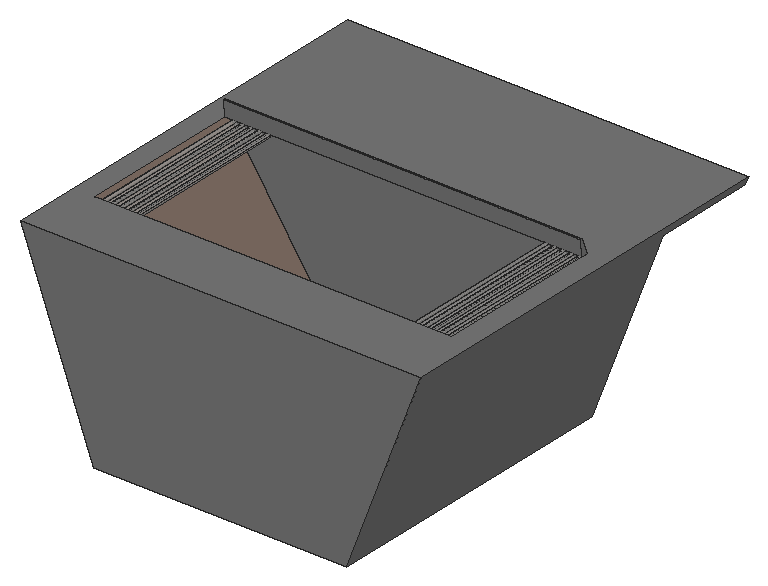
Revit family "Fireplace_Gas_HeatNGlo_Villa-Gas", category Mechanical Equipment, host Face, Revit 2015
Parameters (values of type "42x30 Viewing Area LP")
  Warranty Duration (Years) = 0
  Unit Width = 3' - 11 1/8"
  Unit Weight = 260
  Unit Height = 3' - 6 3/8"
  Unit Depth = 1' - 11"
  URL = "http://www.heatnglo.com/"
  Test Data = ""
  Standards Conformance = "as Specified"
  Specification = "http://www.arcat.com/sdspecs/htm04/10_31_07hng.htm"
  SpecWizard = ""
  Send Message = "http://www.arcat.com/users.pl?action=UserEmail&amp;company=Heat+and+Glo<sup><small></small></sup>&amp;coid=33011&amp;rep=144&amp;fax=&amp;mf=95"
  Sales Information = "http://www.heatnglo.com/Contact-Us.aspx"
  Safety Screen Material [instance] = Metal - HeatNGlo - Steel Screen
  Revision = "R2_2014-11"
  Recess Into Host [instance] = 2' - 0"
  Rear Wall Finish [instance] = Masonry - HeatNGlo - Brick as Specified
  Rear Width = 2' - 5 3/4"
  Product Properties = ""
  Product Data = "http://www.arcat.com/arcatcos/cos33/arc33011.html"
  Opening Width = 3' - 6"
  Opening Height = 1' - 8"
  Mounting Height [instance] = 1' - 10.76867"
  Model = "ODVILLAG-42"
  Manufacturer Website = "http://www.heatnglo.com/"
  Manufacturer Phone - Toll Free = "800-669-HEAT (4328)"
  Manufacturer Phone = ""
  Manufacturer Fax = ""
  Manufacturer Address = "7571 215th St. W.  Lakeville, MN 55044"
  Manufacturer = "Heat & Glo"
  Maintenance Schedule (Months) = 0
  Keynote = "10305"
  Installation-Fabrication = ""
  Installation Phase = ""
  Include Double Door [instance] = yes
  Heating Capacity = "as Specified"
  HVAC_BTU Output = 0.0 Btu/h
  HVAC_BTU Input = 42000.0 Btu/h
  Green Building-LEED = ""
  Glazing Tint [instance] = Glazing - HeatNGlo - Clear
  Fuel Type = "LP"
  Fuel Consumption = "as Specified"
  Fixture Finish = Metal - HeatNGlo - Metallic Black
  Expected Lifespan (Years) = 0
  Efficiency Ratings = "as Specified"
  Drawn By = "Sumex Design, Inc. / Robert S. Weygant, CSI, CDT, SCIP"
  Door Finish [instance] = Metal - HeatNGlo - Bronze
  Description = "Heat & Glo Gas Burning Outdoor Fireplace - Villa Gas as Specified"
  Default Elevation = 0' - 0"
  Copyright = "©Arcat Inc."
  Construction Details = "http://www.arcat.com/details/heatnglo/heatnglo.html?coid=33011"
  Building Codes = ""
  Assembly Code = "D3020"
Types (4): name | Unit Width | Unit Weight | Rear Width | Opening Width | Model | HVAC_BTU Input | Fuel Type
  42x30 Viewing Area LP | 3' - 11 1/8" | 260 | 2' - 5 3/4" | 3' - 6" | "ODVILLAG-42" | 42000.0 Btu/h | "LP"
  42x30 Viewing Area NG | 3' - 11 1/8" | 260 | 2' - 5 3/4" | 3' - 6" | "ODVILLAG-42" | 42000.0 Btu/h | "NG"
  36x24 Viewing Area LP | 3' - 5 1/8" | 240 | 1' - 11 3/4" | 3' - 0" | "ODVILLAG-36" | 40000.0 Btu/h | "LP"
  36x24 Viewing Area NG | 3' - 5 1/8" | 240 | 1' - 11 3/4" | 3' - 0" | "ODVILLAG-36" | 40000.0 Btu/h | "NG"
Reference planes (in)
  plane 1 "Opening CL": y = 0
  plane 2: z = 0
  plane 3 "Center (Left/Right)": x = 0
  plane 4: z = -24
  plane 5 "Front": z = -1
  plane 6: x = -21
  plane 7: x = 21
  plane 8: y = 9.1875
  plane 9 "FF": y = -41.20617
  plane 10: y = -18.4375
  plane 11: y = -10.8125
  plane 12: x = -14.875
  plane 13: x = 14.875
  plane 14: x = -23.5625
  plane 15: x = 23.5625
  plane 16: x = -22.5
  plane 17: x = 22.5
Forms (in)
  Extrusion 1, void
    sketch origin (0, 0, 0) x (1, 0, 0) y (0, 1, 0)
      loop
        line (23.5625, 16.8125) -> (-23.5625, 16.8125) -> (-23.5625, -18.4375) -> (23.5625, -18.4375) -> (23.5625, 16.8125)
    from -24 to 5.63952
  Extrusion 2, solid, material "Metal - HeatNGlo - Metallic Black" <- "Fixture Finish"
    sketch origin (-6.5, -18.4375, 48) x (1, 0, 0) y (0, 0, 1)
      loop
        line (-8.375, -72) -> (21.375, -72) -> (30.0625, -49) -> (-17.0625, -49) -> (-8.375, -72)
    from 0 to -7.75
  Extrusion 3, solid, material "Metal - HeatNGlo - Metallic Black" <- "Fixture Finish"
    sketch origin (0, 0, 0) x (1, 0, 0) y (0, 0, 1)
      loop
        line (-23.5625, -1) -> (-14.875, -24) -> (14.875, -24) -> (23.5625, -1) -> (21, -1) -> (10.875, -16) -> (-10.875, -16) -> (-21, -1) -> (-23.5625, -1)
    from -9.1875 to 10.8125
  Extrusion 4, solid, material "Metal - HeatNGlo - Metallic Black" <- "Fixture Finish"
    sketch origin (-6.5, -18.4375, 48) x (1, 0, 0) y (0, 0, 1)
      loop
        line (-8.375, -72) -> (21.375, -72) -> (30.0625, -49) -> (-17.0625, -49) -> (-8.375, -72)
    from -27.5 to -36.125
  Extrusion 5, solid, material "Metal - HeatNGlo - Steel Screen" <- "Safety Screen Material"
    sketch origin (-21.8749, -10.8125, 48) x (-1, 0, 0) y (0, 0, 1)
      loop
        arc (-1.25201, -49.5625) -> (-1.50201, -49.3125) -> (-1.75201, -49.5625) r 0.25
        arc (-1.75201, -49.5625) -> (-2.00201, -49.8125) -> (-2.25201, -49.5625) r 0.25
        arc (-2.25201, -49.5625) -> (-2.50201, -49.3125) -> (-2.75201, -49.5625) r 0.25
        arc (-2.75201, -49.5625) -> (-3.00201, -49.8125) -> (-3.25201, -49.5625) r 0.25
        arc (-3.25201, -49.5625) -> (-3.50201, -49.3125) -> (-3.75201, -49.5625) r 0.25
        arc (-3.75201, -49.5625) -> (-4.00201, -49.8125) -> (-4.25201, -49.5625) r 0.25
        arc (-4.25201, -49.5625) -> (-4.50201, -49.3125) -> (-4.75201, -49.5625) r 0.25
        arc (-4.75201, -49.5625) -> (-5.00201, -49.8125) -> (-5.25201, -49.5625) r 0.25
        arc (-5.25201, -49.5625) -> (-5.50201, -49.3125) -> (-5.75201, -49.5625) r 0.25
        line (-5.75201, -49.5625) -> (-5.75201, -49.8125) -> (-5.68951, -49.8125) -> (-5.68951, -49.5625)
        arc (-5.68951, -49.5625) -> (-5.50201, -49.375) -> (-5.31451, -49.5625) r 0.1875
        arc (-5.31451, -49.5625) -> (-5.00201, -49.875) -> (-4.68951, -49.5625) r 0.3125
        arc (-4.68951, -49.5625) -> (-4.50201, -49.375) -> (-4.31451, -49.5625) r 0.1875
        arc (-4.31451, -49.5625) -> (-4.00201, -49.875) -> (-3.68951, -49.5625) r 0.3125
        arc (-3.68951, -49.5625) -> (-3.50201, -49.375) -> (-3.31451, -49.5625) r 0.1875
        arc (-3.31451, -49.5625) -> (-3.00201, -49.875) -> (-2.68951, -49.5625) r 0.3125
        arc (-2.68951, -49.5625) -> (-2.50201, -49.375) -> (-2.31451, -49.5625) r 0.1875
        arc (-2.31451, -49.5625) -> (-2.00201, -49.875) -> (-1.68951, -49.5625) r 0.3125
        arc (-1.68951, -49.5625) -> (-1.50201, -49.375) -> (-1.31451, -49.5625) r 0.1875
        line (-1.31451, -49.5625) -> (-1.25201, -49.5625)
      loop
        line (-42.49779, -49.5625) -> (-42.43529, -49.5625)
        arc (-42.43529, -49.5625) -> (-42.24779, -49.375) -> (-42.06029, -49.5625) r 0.1875
        arc (-42.06029, -49.5625) -> (-41.74779, -49.875) -> (-41.43529, -49.5625) r 0.3125
        arc (-41.43529, -49.5625) -> (-41.24779, -49.375) -> (-41.06029, -49.5625) r 0.1875
        arc (-41.06029, -49.5625) -> (-40.74779, -49.875) -> (-40.43529, -49.5625) r 0.3125
        arc (-40.43529, -49.5625) -> (-40.24779, -49.375) -> (-40.06029, -49.5625) r 0.1875
        arc (-40.06029, -49.5625) -> (-39.74779, -49.875) -> (-39.43529, -49.5625) r 0.3125
        arc (-39.43529, -49.5625) -> (-39.24779, -49.375) -> (-39.06029, -49.5625) r 0.1875
        arc (-39.06029, -49.5625) -> (-38.74779, -49.875) -> (-38.43529, -49.5625) r 0.3125
        arc (-38.43529, -49.5625) -> (-38.24779, -49.375) -> (-38.06029, -49.5625) r 0.1875
        line (-38.06029, -49.5625) -> (-38.06029, -49.8125) -> (-37.99779, -49.8125) -> (-37.99779, -49.5625)
        arc (-37.99779, -49.5625) -> (-38.24779, -49.3125) -> (-38.49779, -49.5625) r 0.25
        arc (-38.49779, -49.5625) -> (-38.74779, -49.8125) -> (-38.99779, -49.5625) r 0.25
        arc (-38.99779, -49.5625) -> (-39.24779, -49.3125) -> (-39.49779, -49.5625) r 0.25
        arc (-39.49779, -49.5625) -> (-39.74779, -49.8125) -> (-39.99779, -49.5625) r 0.25
        arc (-39.99779, -49.5625) -> (-40.24779, -49.3125) -> (-40.49779, -49.5625) r 0.25
        arc (-40.49779, -49.5625) -> (-40.74779, -49.8125) -> (-40.99779, -49.5625) r 0.25
        arc (-40.99779, -49.5625) -> (-41.24779, -49.3125) -> (-41.49779, -49.5625) r 0.25
        arc (-41.49779, -49.5625) -> (-41.74779, -49.8125) -> (-41.99779, -49.5625) r 0.25
        arc (-41.99779, -49.5625) -> (-42.24779, -49.3125) -> (-42.49779, -49.5625) r 0.25
    from 0 to 20
  Extrusion 6, solid, material "Metal - HeatNGlo - Metallic Black" <- "Fixture Finish"
    sketch origin (-6.5, -18.4375, 48) x (1, 0, 0) y (0, 0, 1)
      loop
        line (29.68478, -50) -> (30.0625, -49) -> (-17.0625, -49) -> (-16.68478, -50) -> (29.68478, -50)
    from -27.625 to -48.25
  Extrusion 7, solid, material "Metal - HeatNGlo - Metallic Black" <- "Fixture Finish"
    sketch origin (0, 0, 0) x (0, 1, 0) y (0, 0, 1)
      loop
        line (9.1875, -1) -> (8.50346, 0.87939) -> (8.37204, 0.87939) -> (8.50346, -1) -> (9.1875, -1)
    from -21 to 21
Cuts and joins
  joined: Extrusion 2, Extrusion 3, Extrusion 4, Extrusion 6
Dimensions and locks (in)
  "Recess Into Host": level to plane 4
  "Unit Depth": plane 5 "Front" to plane 4
  equal spacing: plane 6, plane 3 "Center (Left/Right)", plane 7
  "Opening Width": plane 6 to plane 7
  "Mounting Height": plane 10 to plane 9 "FF"
  locked: plane 10 to plane 11 at 7.625
  "Opening Height": plane 8 to plane 11
  locked: plane 5 "Front" to Extrusion 3 sketch curve at 15
  equal spacing: plane 14, plane 3 "Center (Left/Right)", plane 15
  equal spacing: plane 12, plane 3 "Center (Left/Right)", plane 13
  "Rear Width": plane 12 to plane 13
  "Unit Width": plane 14 to plane 15
  locked: Extrusion 3 sketch curve to plane 12 at 4
  locked: plane 13 to Extrusion 3 sketch curve at 4
  locked: plane 14 to plane 16 at 1.0625
  locked: plane 17 to plane 15 at 1.0625
  locked: plane 5 "Front" to Extrusion 6 sketch curve at 1
  locked: Extrusion 1 sketch curve to plane 8 at 7.625
  aligned and locked: plane 2 to host face
  aligned and locked: level to host face
  aligned: Extrusion 1 to plane 5 "Front"
  aligned and locked: Extrusion 1 to plane 4
  aligned and locked: Extrusion 2 sketch curve to plane 5 "Front"
  aligned and locked: Extrusion 2 sketch curve to plane 4
  aligned: Extrusion 2 to plane 11
  aligned and locked: Extrusion 3 to plane 8
  aligned and locked: Extrusion 3 to plane 11
  aligned and locked: plane 5 "Front" to Extrusion 4 sketch curve
  aligned and locked: Extrusion 4 sketch curve to plane 4
  aligned: Extrusion 4 to plane 8
  aligned and locked: plane 8 to Extrusion 5
  aligned and locked: plane 13 to Extrusion 2 sketch curve
  aligned and locked: plane 12 to Extrusion 2 sketch curve
  aligned and locked: plane 15 to Extrusion 2 sketch curve
  aligned and locked: plane 14 to Extrusion 2 sketch curve
  aligned and locked: plane 14 to Extrusion 4 sketch curve
  aligned and locked: plane 15 to Extrusion 4 sketch curve
  aligned and locked: plane 13 to Extrusion 4 sketch curve
  aligned and locked: plane 12 to Extrusion 4 sketch curve
  aligned and locked: plane 15 to Extrusion 3 sketch curve
  aligned and locked: plane 7 to Extrusion 3 sketch curve
  aligned and locked: plane 6 to Extrusion 3 sketch curve
  aligned and locked: plane 14 to Extrusion 3 sketch curve
  aligned and locked: plane 12 to Extrusion 3 sketch curve
  aligned and locked: plane 13 to Extrusion 3 sketch curve
  aligned and locked: Extrusion 1 sketch curve to plane 14
  aligned and locked: plane 15 to Extrusion 1 sketch curve
  aligned and locked: plane 15 to Extrusion 6 sketch curve
  aligned and locked: plane 14 to Extrusion 6 sketch curve
  aligned and locked: plane 8 to Extrusion 6
  aligned: plane 15 to Extrusion 7
  aligned: Extrusion 7 to plane 14
  aligned and locked: Extrusion 1 sketch curve to plane 10
  aligned and locked: Extrusion 7 to plane 6
  aligned and locked: plane 7 to Extrusion 7
Automatic sketch dimensions
  host sketch curve to host sketch curve = 8' - 0"
  host sketch curve to host sketch curve = 10' - 4 9/16"
  Extrusion 5 sketch curve to Extrusion 5 sketch curve = 0' - 0"  (x68)
  Extrusion 5 sketch curve to plane 7 = 0' - 0.37711"
  Extrusion 5 sketch curve to Extrusion 5 sketch curve = 0' - 0 1/16"  (x2)
  Extrusion 5 sketch curve to Extrusion 5 sketch curve = 0' - 0 3/16"  (x10)
  Extrusion 5 sketch curve to Extrusion 5 sketch curve = 0' - 0 1/4"  (x9)
  Extrusion 5 sketch curve to plane 5 "Front" = 0' - 0 9/16"  (x2)
  plane 6 to Extrusion 5 sketch curve = 0' - 4.87711"
  Extrusion 5 sketch curve to plane 5 "Front" = 0' - 0 13/16"
  Extrusion 3 sketch curve to plane 5 "Front" = 0' - 0"  (x2)
  Extrusion 3 sketch curve to plane 4 = 0' - 0"
  Extrusion 6 sketch curve to plane 5 "Front" = 0' - 0"
  plane 14 to Extrusion 6 sketch curve = 0' - 0.37772"
  Extrusion 6 sketch curve to plane 15 = 0' - 0.37772"
  Extrusion 7 sketch curve to plane 5 "Front" = 0' - 0"
  Extrusion 7 sketch curve to plane 8 = 0' - 0"
  Extrusion 7 sketch curve to plane 8 = 0' - 0.68404"
  Extrusion 7 sketch curve to Extrusion 7 sketch curve = 0' - 0.68404"
  Extrusion 7 sketch curve to Extrusion 7 sketch curve = 0' - 0.13142"
  level to Extrusion 7 sketch curve = 0' - 0.87939"
